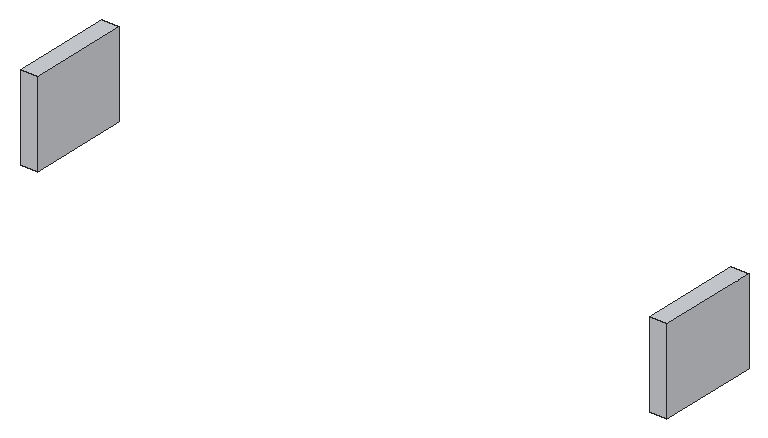
Revit family "ОВ_установка_default", category Оборудование, Revit 2022
Family settings
  Размер круглого соединителя = Использовать диаметр
  Классификация = Нет
  Тип детали = Нормальный
  На основе рабочей плоскости = Нет
  Всегда вертикально = Да
  При загрузке вырезать с полостями = Нет
  Сохранять ориентацию аннотаций = Нет
  Общий = Нет
  Точка принадлежности помещению = Нет
Parameters
  Отметка по умолчанию = 0 mm
  Выпуск_Длина [instance] = 100 mm
  Впуск_Ширина [instance] = 600 mm
  Выпуск_Ширина [instance] = 600 mm
  Выпуск_Отступ [instance] = 100 mm
  Выпуск_Высота [instance] = 500 mm
  Впуск_Снизу [instance] = no
  Впуск_Посередине [instance] = yes
  Впуск_Оступ [instance] = 100 mm
  Впуск_Длина [instance] = 100 mm
  Впуск_Высота [instance] = 500 mm
  Выпуск_Снизу [instance] = no
  Выпуск_Посередине [instance] = yes
  Выпуск_b [instance] = if(Выпуск_Посередине, (ADSK_Размер_Высота / 2) - (Выпуск_Высота / 2), if(Выпуск_Снизу, ADSK_Размер_Высота - Выпуск_Высота, 0 mm))  # 286.069 mm
  Впуск_b [instance] = if(Впуск_Посередине, (ADSK_Размер_Высота / 2) - (Впуск_Высота / 2), if(Впуск_Снизу, ADSK_Размер_Высота - Впуск_Высота, 0 mm))  # 286.069 mm
  Вложенное_оборудование_группирование [instance] = ""
  Вложенное_наполнение_группирование [instance] = ""
  PGS_ТипУстановки [instance] = ""
  ADSK_Этаж [instance] = ""
  ADSK_Размер_Ширина [instance] = 1360 mm
  ADSK_Размер_Длина [instance] = 3800 mm
  ADSK_Размер_Высота = 1072.138 mm
  ADSK_Примечание [instance] = ""
  ADSK_Предел огнестойкости = ""
  ADSK_Позиция [instance] = ""
  ADSK_Обозначение = ""
  ADSK_Наименование краткое = ""
  ADSK_Наименование = ""
  ADSK_Материал обозначение = ""
  ADSK_Материал наименование = ""
  ADSK_Масса = 0
  ADSK_Марка = ""
  ADSK_Количество [instance] = 1
  ADSK_Код изделия = ""
  ADSK_Зона = ""
  ADSK_Завод-изготовитель = ""
  ADSK_Единица измерения = "шт."  # constant formula
  ADSK_Группирование = ""
  ADSK_URL страницы изделия = ""
  ADSK_URL документации изделия = ""
Reference planes
  plane 1 "По центру (Вперед/Назад)": y = 0
  plane 2: z = 0
  plane 3 "По центру (Влево/Вправо)": x = 0
  plane 4: x = -1900
  plane 5: x = 1900
  plane 6: y = 680
  plane 7: y = -680
  plane 8: z = 1072.138
  plane 9: z = 786.069
  plane 10: z = 286.069
  plane 11: y = 300
  plane 12: y = -300
  plane 13: y = 300
  plane 14: y = -300
  plane 15: z = 0
  plane 16: z = 286.069
  plane 17 "Начало оборудования": x = -1800
  plane 18: x = 1800
  plane 19: z = 786.069
Dimensions and locks
  equal spacing: plane 6, plane 1 "По центру (Вперед/Назад)", plane 7
  "ADSK_Размер_Ширина": plane 6 to plane 7
  equal spacing: plane 4, plane 3 "По центру (Влево/Вправо)", plane 5
  "ADSK_Размер_Длина": plane 4 to plane 5
  "ADSK_Размер_Высота": level to plane 8
  "Выпуск_b": plane 9 to plane 8
  "Выпуск_Высота": plane 10 to plane 9
  equal spacing: plane 11, plane 1 "По центру (Вперед/Назад)", plane 12
  "Впуск_Ширина": plane 11 to plane 12
  equal spacing: plane 13, plane 1 "По центру (Вперед/Назад)", plane 14
  "Выпуск_Ширина": plane 13 to plane 14
  "Впуск_Длина": plane 4 to plane 17 "Начало оборудования"
  "Выпуск_Длина": plane 18 to plane 5
  "Впуск_b": plane 8 to plane 19
  "Впуск_Высота": plane 19 to plane 16
  aligned and locked: level to plane 2
  aligned and locked: plane 5 to nested 2
  aligned and locked: plane 9 to nested 2
  aligned and locked: nested 1 to plane 16
  aligned and locked: nested 1 to plane 4
Nested families
  nested 1: "Элементы установки" at (-1850, 0, 286.069), ADSK_Размер_Высота <- "Впуск_Высота", ADSK_Размер_Ширина <- "Впуск_Ширина", ADSK_Размер_Длина <- "Выпуск_Длина", type "Без УГО"
    with ADSK_Размер_Ширина 600 mm, ADSK_Размер_Длина 100 mm, ADSK_Размер_Высота 500 mm
  nested 2: "Элементы установки" at (1850, 0, 286.069), ADSK_Размер_Высота <- "Выпуск_Высота", ADSK_Размер_Ширина <- "Выпуск_Ширина", ADSK_Размер_Длина <- "Впуск_Длина", type "Без УГО"
    with ADSK_Размер_Ширина 600 mm, ADSK_Размер_Длина 100 mm, ADSK_Размер_Высота 500 mm
Connectors
  hvac at (-1900, 0, 536.069), driven by "Выпуск_Высота", driven by "Впуск_Ширина"
    settings: on nested 1, index 1, duct flow 0.0 L/s, flow factor 0, pres drop 0.0 Pa, loss coef 0, conn angle 0.00°, conn width 600 mm, conn height 500 mm, conn diameter 609.6 mm, duct sys type 1, conn prof type 1, flow config 0, flow direction 0, loss method 0, conn ref index 2, conn util no, is conn primary yes, conn desc ""
  hvac at (1900, 0, 536.069), driven by "Выпуск_Высота", driven by "Выпуск_Ширина"
    settings: on nested 2, index 2, duct flow 0.0 L/s, flow factor 0, pres drop 0.0 Pa, loss coef 0, conn angle 0.00°, conn width 600 mm, conn height 500 mm, conn diameter 609.6 mm, duct sys type 1, conn prof type 1, flow config 0, flow direction 0, loss method 0, conn ref index 1, conn util no, is conn primary no, conn desc ""
Definition of nested family "Элементы установки"
  Parameters (values of type "Воздухоохладитель")
    Фильтр = no
    Default Elevation = 0 mm
    Воздухоохладитель = yes
    Воздухонагреватель = no
    Вентилятор = no
    ADSK_Размер_Ширина [instance] = 500 mm
    ADSK_Размер_Длина [instance] = 920 mm
    ADSK_Размер_Высота [instance] = 800 mm
  Types (5, lengths in mm): name | Фильтр | Воздухоохладитель | Воздухонагреватель | Вентилятор
    Вентилятор | no | no | no | yes
    Фильтр | yes | no | no | no
    Без УГО | no | no | no | no
    Воздухонагреватель | no | no | yes | no
    Воздухоохладитель | no | yes | no | no
  Reference planes
    plane 1 "По центру (Вперед/Назад)": y = 0
    plane 2 "Снизу": z = 0
    plane 3 "По центру (Влево/Вправо)": x = 0
    plane 4 "Слева": x = -460
    plane 5 "Справа": x = 460
    plane 6 "Сзади": y = 250
    plane 7 "Спереди": y = -250
    plane 8 "Сверху": z = 800
  Forms (mm)
    Extrusion 1, solid
      sketch origin (0, 0, 0) x (1, 0, 0) y (0, 1, 0)
        loop
          line (-460, 250) -> (-460, -250) -> (460, -250) -> (460, 250) -> (-460, 250)
      from 0 to 800
  Dimensions and locks
    equal spacing: plane 4 "Слева", plane 3 "По центру (Влево/Вправо)", plane 5 "Справа"
    "ADSK_Размер_Длина": plane 4 "Слева" to plane 5 "Справа"
    equal spacing: plane 6 "Сзади", plane 1 "По центру (Вперед/Назад)", plane 7 "Спереди"
    "ADSK_Размер_Ширина": plane 6 "Сзади" to plane 7 "Спереди"
    "ADSK_Размер_Высота": level to plane 8 "Сверху"
    aligned and locked: level to plane 2 "Снизу"
    aligned and locked: Extrusion 1 sketch curve to plane 6 "Сзади"
    aligned and locked: plane 4 "Слева" to Extrusion 1 sketch curve
    aligned and locked: plane 7 "Спереди" to Extrusion 1 sketch curve
    aligned and locked: Extrusion 1 sketch curve to plane 5 "Справа"
    aligned and locked: plane 8 "Сверху" to Extrusion 1
    aligned and locked: plane 4 "Слева" to nested 1
    aligned and locked: plane 2 "Снизу" to nested 1
    aligned and locked: plane 4 "Слева" to nested 2
    aligned and locked: plane 7 "Спереди" to nested 2
    aligned and locked: plane 4 "Слева" to nested 3
    aligned and locked: nested 3 to plane 8 "Сверху"
    aligned and locked: nested 5 to Extrusion 1  (x2)
    aligned and locked: nested 6 to Extrusion 1  (x3)
    aligned and locked: nested 4 to Extrusion 1  (x2)
    aligned and locked: nested 8 to Extrusion 1  (x2)
    aligned and locked: nested 9 to Extrusion 1  (x2)
    aligned and locked: nested 7 to Extrusion 1  (x2)
  Nested families
    nested 1: "УГО_Вентилятор" at (0, -250, 400) x (1, 0, 0) z (0, -1, 0), ADSK_Размер_Высота <- "ADSK_Размер_Высота", ADSK_Размер_Длина <- "ADSK_Размер_Длина", Вентилятор <- "Вентилятор", Фильтр <- "Фильтр", type "УГО_Вентилятор"
      with Фильтр no, Воздухоохладитель no, Воздухонагреватель no, Вентилятор no, l 554.256 mm, i 512 mm, a 160 mm, ADSK_Размер_Длина 920 mm, ADSK_Размер_Диаметр 640 mm, ADSK_Размер_Высота 800 mm
    nested 2: "УГО_Вентилятор" at (0, 0, 800), ADSK_Размер_Высота <- "ADSK_Размер_Ширина", ADSK_Размер_Длина <- "ADSK_Размер_Длина", Вентилятор <- "Вентилятор", Фильтр <- "Фильтр", type "УГО_Вентилятор"
      with Фильтр no, Воздухоохладитель no, Воздухонагреватель no, Вентилятор no, l 346.41 mm, i 320 mm, a 100 mm, ADSK_Размер_Длина 920 mm, ADSK_Размер_Диаметр 400 mm, ADSK_Размер_Высота 500 mm
    nested 3: "УГО_Вентилятор" at (0, 250, 400) x (1, 0, 0) z (0, 1, 0), ADSK_Размер_Высота <- "ADSK_Размер_Высота", ADSK_Размер_Длина <- "ADSK_Размер_Длина", Вентилятор <- "Вентилятор", Фильтр <- "Фильтр", type "УГО_Вентилятор"
      with Фильтр no, Воздухоохладитель no, Воздухонагреватель no, Вентилятор no, l 554.256 mm, i 512 mm, a 160 mm, ADSK_Размер_Длина 920 mm, ADSK_Размер_Диаметр 640 mm, ADSK_Размер_Высота 800 mm
    nested 4: "УГО_Вентилятор" at (0, 250, 400) x (1, 0, 0) z (0, 1, 0), ADSK_Размер_Длина <- "ADSK_Размер_Длина", ADSK_Размер_Высота <- "ADSK_Размер_Высота", visible <- "Воздухонагреватель", type "Воздухонагреватель"
      with Фильтр no, Воздухоохладитель no, Воздухонагреватель yes, Вентилятор no, l 554.256 mm, i 512 mm, a 160 mm, ADSK_Размер_Длина 920 mm, ADSK_Размер_Диаметр 640 mm, ADSK_Размер_Высота 800 mm
    nested 5: "УГО_Вентилятор" at (0, -250, 400) x (-1, 0, 0) z (0, -1, 0), ADSK_Размер_Высота <- "ADSK_Размер_Высота", ADSK_Размер_Длина <- "ADSK_Размер_Длина", visible <- "Воздухонагреватель", type "Воздухонагреватель"
      with Фильтр no, Воздухоохладитель no, Воздухонагреватель yes, Вентилятор no, l 554.256 mm, i 512 mm, a 160 mm, ADSK_Размер_Длина 920 mm, ADSK_Размер_Диаметр 640 mm, ADSK_Размер_Высота 800 mm
    nested 6: "УГО_Вентилятор" at (0, 0, 800), ADSK_Размер_Длина <- "ADSK_Размер_Длина", ADSK_Размер_Высота <- "ADSK_Размер_Ширина", visible <- "Воздухонагреватель", type "Воздухонагреватель"
      with Фильтр no, Воздухоохладитель no, Воздухонагреватель yes, Вентилятор no, l 346.41 mm, i 320 mm, a 100 mm, ADSK_Размер_Длина 920 mm, ADSK_Размер_Диаметр 400 mm, ADSK_Размер_Высота 500 mm
    nested 7: "УГО_Вентилятор" at (0, -250, 400) x (-1, 0, 0) z (0, -1, 0), ADSK_Размер_Высота <- "ADSK_Размер_Высота", ADSK_Размер_Длина <- "ADSK_Размер_Длина", visible <- "Воздухоохладитель", type "Воздухоохладитель"
      with Фильтр no, Воздухоохладитель yes, Воздухонагреватель no, Вентилятор no, l 554.256 mm, i 512 mm, a 160 mm, ADSK_Размер_Длина 920 mm, ADSK_Размер_Диаметр 640 mm, ADSK_Размер_Высота 800 mm
    nested 8: "УГО_Вентилятор" at (0, 250, 400) x (1, 0, 0) z (0, 1, 0), ADSK_Размер_Высота <- "ADSK_Размер_Высота", ADSK_Размер_Длина <- "ADSK_Размер_Длина", visible <- "Воздухоохладитель", type "Воздухоохладитель"
      with Фильтр no, Воздухоохладитель yes, Воздухонагреватель no, Вентилятор no, l 554.256 mm, i 512 mm, a 160 mm, ADSK_Размер_Длина 920 mm, ADSK_Размер_Диаметр 640 mm, ADSK_Размер_Высота 800 mm
    nested 9: "УГО_Вентилятор" at (0, 0, 800), ADSK_Размер_Высота <- "ADSK_Размер_Ширина", ADSK_Размер_Длина <- "ADSK_Размер_Длина", visible <- "Воздухоохладитель", type "Воздухоохладитель"
      with Фильтр no, Воздухоохладитель yes, Воздухонагреватель no, Вентилятор no, l 346.41 mm, i 320 mm, a 100 mm, ADSK_Размер_Длина 920 mm, ADSK_Размер_Диаметр 400 mm, ADSK_Размер_Высота 500 mm
  Definition of nested family "УГО_Вентилятор"
    Parameters (values of type "Воздухонагреватель")
      Фильтр [instance] = no
      Default Elevation = 1219.2 mm
      Воздухоохладитель [instance] = no
      Воздухонагреватель [instance] = yes
      Вентилятор [instance] = no
      l [instance] = ADSK_Размер_Диаметр * cos(30.00°)  # 381.051 mm
      i [instance] = ADSK_Размер_Диаметр - ADSK_Размер_Диаметр / 100 * 20  # 352 mm
      a [instance] = ADSK_Размер_Диаметр / 4  # 110 mm
      ADSK_Размер_Длина [instance] = 1000 mm
      ADSK_Размер_Диаметр [instance] = if(ADSK_Размер_Длина > ADSK_Размер_Высота, ADSK_Размер_Высота * 0.8, ADSK_Размер_Длина * 0.8)  # 440 mm
      ADSK_Размер_Высота [instance] = 550 mm
    Types (5, lengths in mm): name | Фильтр | Воздухоохладитель | Воздухонагреватель | Вентилятор | l | i | a | ADSK_Размер_Диаметр | ADSK_Размер_Высота
      (no name) | no | no | yes | no | 692.82 | 640 | 200 | 800 | 1100
      Вентилятор | no | no | no | yes | 692.82 | 640 | 200 | 800 | 1100
      Фильтр | yes | no | no | no | 692.82 | 640 | 200 | 800 | 1100
      Воздухонагреватель | no | no | yes | no | 381.051 | 352 | 110 | 440 | 550
      Воздухоохладитель | no | yes | no | no | 692.82 | 640 | 200 | 800 | 1100
    Reference planes
      plane 1 "По центру (Вперед/Назад)": y = 0
      plane 2: z = 0
      plane 3 "По центру (Влево/Вправо)": x = 0
      plane 4: y = 275
      plane 5: y = -275
      plane 6: x = -500
      plane 7: x = 500
      plane 8: y = 137.5
      plane 9: y = -137.5
    Forms (mm)
      Extrusion 1, solid, visible <- "Вентилятор"
        sketch origin (0, 0, 0) x (1, 0, 0) y (0, 1, 0)
          loop
            line (220, 0) -> (-110, 190.526) -> (-110, -190.526) -> (220, 0)
        from 0 to 1
    Lines and regions (mm)
      model lines
        curve 1: line (-500, 275, 0) -> (500, 275, 0)
        curve 2: line (-500, -275, 0) -> (-500, 275, 0)
        curve 3: line (500, -275, 0) -> (-500, -275, 0)
        curve 4: line (500, 275, 0) -> (500, -275, 0)
      model lines, visible <- "Вентилятор"
        curve 5: circle (0, 0, 0) r 220 normal (0, 0, 1)
      model lines, visible <- "Фильтр"
        curve 6: line (500, 275, 0) -> (-500, 137.5, 0)
        curve 7: line (500, 0, 0) -> (-500, -137.5, 0)
        curve 8: line (500, -275, 0) -> (-500, -137.5, 0)
        curve 9: line (-500, 137.5, 0) -> (500, 0, 0)
      model lines, visible <- "Воздухонагреватель"
        curve 10: circle (0, 0, 0) r 220 normal (0, 0, 1)
        curve 11: line (0, 176, 0) -> (0, -176, 0)
        curve 12: line (-176, 0, 0) -> (176, 0, 0)
      model lines, visible <- "Воздухоохладитель"
        curve 13: circle (0, 0, 0) r 220 normal (0, 0, 1)
        curve 14: line (-176, 0, 0) -> (176, 0, 0)
    Dimensions and locks
      equal spacing: plane 4, plane 1 "По центру (Вперед/Назад)", plane 5
      "ADSK_Размер_Высота": plane 4 to plane 5
      equal spacing: plane 6, plane 3 "По центру (Влево/Вправо)", plane 7
      "ADSK_Размер_Длина": plane 6 to plane 7
      "a": Extrusion 1 sketch curve to plane 3 "По центру (Влево/Вправо)"
      "l": Extrusion 1 sketch curve to Extrusion 1 sketch curve
      equal spacing: plane 4, plane 8, plane 1 "По центру (Вперед/Назад)"
      equal spacing: plane 5, plane 9, plane 1 "По центру (Вперед/Назад)"
      equal spacing: curve 11, plane 1 "По центру (Вперед/Назад)", curve 11
      "i": curve 11 to curve 11
      equal spacing: curve 12, plane 3 "По центру (Влево/Вправо)", curve 12
      "i": curve 12 to curve 12
      equal spacing: curve 14, plane 3 "По центру (Влево/Вправо)", curve 14
      "i": curve 14 to curve 14
      "ADSK_Размер_Диаметр": diameter of curve 5
      "ADSK_Размер_Диаметр": diameter of curve 10
      "ADSK_Размер_Диаметр": diameter of curve 13
      locked: Extrusion 1 sketch curve to plane 1 "По центру (Вперед/Назад)" (angle 30.00°)
      locked: plane 1 "По центру (Вперед/Назад)" to Extrusion 1 sketch curve (angle 30.00°)
      aligned and locked: level to plane 2
      aligned and locked: curve 1 to plane 4
      aligned and locked: plane 5 to curve 3
      aligned and locked: plane 3 "По центру (Влево/Вправо)" to curve 5
      aligned and locked: plane 1 "По центру (Вперед/Назад)" to curve 5
      aligned and locked: plane 6 to curve 9
      aligned and locked: plane 8 to curve 9
      aligned and locked: plane 7 to curve 9
      aligned and locked: plane 1 "По центру (Вперед/Назад)" to curve 7
      aligned and locked: plane 6 to curve 8
      aligned and locked: plane 7 to curve 8
      aligned and locked: plane 3 "По центру (Влево/Вправо)" to curve 10
      aligned and locked: plane 1 "По центру (Вперед/Назад)" to curve 10
      aligned and locked: plane 3 "По центру (Влево/Вправо)" to curve 13
      aligned and locked: plane 1 "По центру (Вперед/Назад)" to curve 13
    Automatic sketch dimensions
      curve 11 to plane 3 "По центру (Влево/Вправо)" = 0 mm
      curve 7 to plane 9 = 0 mm
      plane 1 "По центру (Вперед/Назад)" to curve 12 = 0 mm
      plane 1 "По центру (Вперед/Назад)" to curve 14 = 0 mm
      curve 6 to plane 8 = 0 mm
      plane 1 "По центру (Вперед/Назад)" to Extrusion 1 sketch curve = 0 mm
